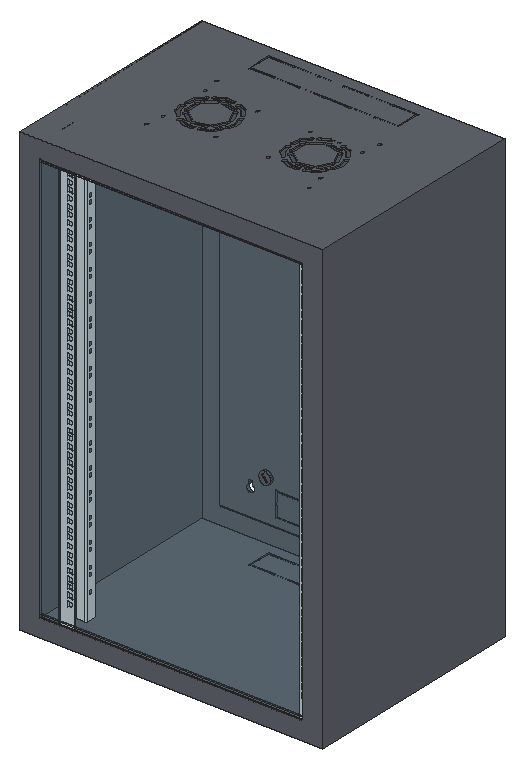
Revit family "Cajas fijas Legrand Linkeo con paneles laterales fijos", category Equipement spécialisé, Revit 2020 (continued)
Forms (mm)
  Extrusion 86, void
    sketch origin (60.5, -414, 490.95) x (-1, 0, 0) y (0, 0, 1)
      loop
        line (-3.5, 44.65) -> (-3.5, 54.15) -> (-13, 54.15) -> (-13, 44.65) -> (-3.5, 44.65)
      loop
        line (-3.5, 76.4) -> (-3.5, 85.9) -> (-13, 85.9) -> (-13, 76.4) -> (-3.5, 76.4)
    from 0 to 1.5
  Extrusion 87, void
    sketch origin (60.5, -414, 490.95) x (-1, 0, 0) y (0, 0, 1)
      loop
        line (-3.5, 60.53) -> (-3.5, 70.03) -> (-13, 70.03) -> (-13, 60.53) -> (-3.5, 60.53)
    from 0 to 1.5
  Extrusion 88, void
    sketch origin (528, -414, 535.4) x (-1, 0, 0) y (0, 0, 1)
      loop
        line (-3.5, 44.65) -> (-3.5, 54.15) -> (-13, 54.15) -> (-13, 44.65) -> (-3.5, 44.65)
      loop
        line (-3.5, 76.4) -> (-3.5, 85.9) -> (-13, 85.9) -> (-13, 76.4) -> (-3.5, 76.4)
    from 0 to 1.5
  Extrusion 89, void
    sketch origin (528, -414, 535.4) x (-1, 0, 0) y (0, 0, 1)
      loop
        line (-3.5, 60.53) -> (-3.5, 70.03) -> (-13, 70.03) -> (-13, 60.53) -> (-3.5, 60.53)
    from 0 to 1.5
  Extrusion 90, void
    sketch origin (60.5, -414, 535.4) x (-1, 0, 0) y (0, 0, 1)
      loop
        line (-3.5, 44.65) -> (-3.5, 54.15) -> (-13, 54.15) -> (-13, 44.65) -> (-3.5, 44.65)
      loop
        line (-3.5, 76.4) -> (-3.5, 85.9) -> (-13, 85.9) -> (-13, 76.4) -> (-3.5, 76.4)
    from 0 to 1.5
  Extrusion 91, void
    sketch origin (60.5, -414, 535.4) x (-1, 0, 0) y (0, 0, 1)
      loop
        line (-3.5, 60.53) -> (-3.5, 70.03) -> (-13, 70.03) -> (-13, 60.53) -> (-3.5, 60.53)
    from 0 to 1.5
  Extrusion 92, void
    sketch origin (528, -414, 579.85) x (-1, 0, 0) y (0, 0, 1)
      loop
        line (-3.5, 44.65) -> (-3.5, 54.15) -> (-13, 54.15) -> (-13, 44.65) -> (-3.5, 44.65)
      loop
        line (-3.5, 76.4) -> (-3.5, 85.9) -> (-13, 85.9) -> (-13, 76.4) -> (-3.5, 76.4)
    from 0 to 1.5
  Extrusion 93, void
    sketch origin (528, -414, 579.85) x (-1, 0, 0) y (0, 0, 1)
      loop
        line (-3.5, 60.53) -> (-3.5, 70.03) -> (-13, 70.03) -> (-13, 60.53) -> (-3.5, 60.53)
    from 0 to 1.5
  Extrusion 94, void
    sketch origin (60.5, -414, 579.85) x (-1, 0, 0) y (0, 0, 1)
      loop
        line (-3.5, 44.65) -> (-3.5, 54.15) -> (-13, 54.15) -> (-13, 44.65) -> (-3.5, 44.65)
      loop
        line (-3.5, 76.4) -> (-3.5, 85.9) -> (-13, 85.9) -> (-13, 76.4) -> (-3.5, 76.4)
    from 0 to 1.5
  Extrusion 95, void
    sketch origin (60.5, -414, 579.85) x (-1, 0, 0) y (0, 0, 1)
      loop
        line (-3.5, 60.53) -> (-3.5, 70.03) -> (-13, 70.03) -> (-13, 60.53) -> (-3.5, 60.53)
    from 0 to 1.5
  Extrusion 96, void
    sketch origin (528, -414, 624.3) x (-1, 0, 0) y (0, 0, 1)
      loop
        line (-3.5, 44.65) -> (-3.5, 54.15) -> (-13, 54.15) -> (-13, 44.65) -> (-3.5, 44.65)
      loop
        line (-3.5, 76.4) -> (-3.5, 85.9) -> (-13, 85.9) -> (-13, 76.4) -> (-3.5, 76.4)
    from 0 to 1.5
  Extrusion 97, void
    sketch origin (528, -414, 624.3) x (-1, 0, 0) y (0, 0, 1)
      loop
        line (-3.5, 60.53) -> (-3.5, 70.03) -> (-13, 70.03) -> (-13, 60.53) -> (-3.5, 60.53)
    from 0 to 1.5
  Extrusion 98, void
    sketch origin (60.5, -414, 624.3) x (-1, 0, 0) y (0, 0, 1)
      loop
        line (-3.5, 44.65) -> (-3.5, 54.15) -> (-13, 54.15) -> (-13, 44.65) -> (-3.5, 44.65)
      loop
        line (-3.5, 76.4) -> (-3.5, 85.9) -> (-13, 85.9) -> (-13, 76.4) -> (-3.5, 76.4)
    from 0 to 1.5
  Extrusion 99, void
    sketch origin (60.5, -414, 624.3) x (-1, 0, 0) y (0, 0, 1)
      loop
        line (-3.5, 60.53) -> (-3.5, 70.03) -> (-13, 70.03) -> (-13, 60.53) -> (-3.5, 60.53)
    from 0 to 1.5
  Extrusion 100, void
    sketch origin (528, -414, 668.75) x (-1, 0, 0) y (0, 0, 1)
      loop
        line (-3.5, 44.65) -> (-3.5, 54.15) -> (-13, 54.15) -> (-13, 44.65) -> (-3.5, 44.65)
      loop
        line (-3.5, 76.4) -> (-3.5, 85.9) -> (-13, 85.9) -> (-13, 76.4) -> (-3.5, 76.4)
    from 0 to 1.5
  Extrusion 101, void
    sketch origin (528, -414, 668.75) x (-1, 0, 0) y (0, 0, 1)
      loop
        line (-3.5, 60.53) -> (-3.5, 70.03) -> (-13, 70.03) -> (-13, 60.53) -> (-3.5, 60.53)
    from 0 to 1.5
  Extrusion 102, void
    sketch origin (60.5, -414, 668.75) x (-1, 0, 0) y (0, 0, 1)
      loop
        line (-3.5, 44.65) -> (-3.5, 54.15) -> (-13, 54.15) -> (-13, 44.65) -> (-3.5, 44.65)
      loop
        line (-3.5, 76.4) -> (-3.5, 85.9) -> (-13, 85.9) -> (-13, 76.4) -> (-3.5, 76.4)
    from 0 to 1.5
  Extrusion 103, void
    sketch origin (60.5, -414, 668.75) x (-1, 0, 0) y (0, 0, 1)
      loop
        line (-3.5, 60.53) -> (-3.5, 70.03) -> (-13, 70.03) -> (-13, 60.53) -> (-3.5, 60.53)
    from 0 to 1.5
  Extrusion 104, void
    sketch origin (528, -414, 713.2) x (-1, 0, 0) y (0, 0, 1)
      loop
        line (-3.5, 44.65) -> (-3.5, 54.15) -> (-13, 54.15) -> (-13, 44.65) -> (-3.5, 44.65)
      loop
        line (-3.5, 76.4) -> (-3.5, 85.9) -> (-13, 85.9) -> (-13, 76.4) -> (-3.5, 76.4)
    from 0 to 1.5
  Extrusion 105, void
    sketch origin (528, -414, 713.2) x (-1, 0, 0) y (0, 0, 1)
      loop
        line (-3.5, 60.53) -> (-3.5, 70.03) -> (-13, 70.03) -> (-13, 60.53) -> (-3.5, 60.53)
    from 0 to 1.5
  Extrusion 106, void
    sketch origin (60.5, -414, 713.2) x (-1, 0, 0) y (0, 0, 1)
      loop
        line (-3.5, 44.65) -> (-3.5, 54.15) -> (-13, 54.15) -> (-13, 44.65) -> (-3.5, 44.65)
      loop
        line (-3.5, 76.4) -> (-3.5, 85.9) -> (-13, 85.9) -> (-13, 76.4) -> (-3.5, 76.4)
    from 0 to 1.5
  Extrusion 107, void
    sketch origin (60.5, -414, 713.2) x (-1, 0, 0) y (0, 0, 1)
      loop
        line (-3.5, 60.53) -> (-3.5, 70.03) -> (-13, 70.03) -> (-13, 60.53) -> (-3.5, 60.53)
    from 0 to 1.5
  Extrusion 108, void
    sketch origin (528, -414, 757.65) x (-1, 0, 0) y (0, 0, 1)
      loop
        line (-3.5, 44.65) -> (-3.5, 54.15) -> (-13, 54.15) -> (-13, 44.65) -> (-3.5, 44.65)
      loop
        line (-3.5, 76.4) -> (-3.5, 85.9) -> (-13, 85.9) -> (-13, 76.4) -> (-3.5, 76.4)
    from 0 to 1.5
  Extrusion 109, void
    sketch origin (528, -414, 757.65) x (-1, 0, 0) y (0, 0, 1)
      loop
        line (-3.5, 60.53) -> (-3.5, 70.03) -> (-13, 70.03) -> (-13, 60.53) -> (-3.5, 60.53)
    from 0 to 1.5
  Extrusion 110, void
    sketch origin (60.5, -414, 757.65) x (-1, 0, 0) y (0, 0, 1)
      loop
        line (-3.5, 44.65) -> (-3.5, 54.15) -> (-13, 54.15) -> (-13, 44.65) -> (-3.5, 44.65)
      loop
        line (-3.5, 76.4) -> (-3.5, 85.9) -> (-13, 85.9) -> (-13, 76.4) -> (-3.5, 76.4)
    from 0 to 1.5
  Extrusion 111, void
    sketch origin (60.5, -414, 757.65) x (-1, 0, 0) y (0, 0, 1)
      loop
        line (-3.5, 60.53) -> (-3.5, 70.03) -> (-13, 70.03) -> (-13, 60.53) -> (-3.5, 60.53)
    from 0 to 1.5
  Extrusion 112, void
    sketch origin (0, 0, 400.05) x (0, 1, 0) y (0, 0, 1)
      loop
        line (-367.986, 87.9) -> (-367.986, 78.4) -> (-358.486, 78.4) -> (-358.486, 87.9) -> (-367.986, 87.9)
    from 539 to 66
  Extrusion 113, void
    sketch origin (0, 0, 368.3) x (0, 1, 0) y (0, 0, 1)
      loop
        line (-367.986, 87.9) -> (-367.986, 78.4) -> (-358.486, 78.4) -> (-358.486, 87.9) -> (-367.986, 87.9)
    from 539 to 66
  Extrusion 114, void
    sketch origin (0, 0, 444.5) x (0, 1, 0) y (0, 0, 1)
      loop
        line (-367.986, 87.9) -> (-367.986, 78.4) -> (-358.486, 78.4) -> (-358.486, 87.9) -> (-367.986, 87.9)
    from 539 to 66
  Extrusion 115, void
    sketch origin (0, 0, 412.75) x (0, 1, 0) y (0, 0, 1)
      loop
        line (-367.986, 87.9) -> (-367.986, 78.4) -> (-358.486, 78.4) -> (-358.486, 87.9) -> (-367.986, 87.9)
    from 539 to 66
  Extrusion 116, void
    sketch origin (0, 0, 488.95) x (0, 1, 0) y (0, 0, 1)
      loop
        line (-367.986, 87.9) -> (-367.986, 78.4) -> (-358.486, 78.4) -> (-358.486, 87.9) -> (-367.986, 87.9)
    from 539 to 66
  Extrusion 117, void
    sketch origin (0, 0, 457.2) x (0, 1, 0) y (0, 0, 1)
      loop
        line (-367.986, 87.9) -> (-367.986, 78.4) -> (-358.486, 78.4) -> (-358.486, 87.9) -> (-367.986, 87.9)
    from 539 to 66
  Extrusion 118, void
    sketch origin (0, 0, 533.4) x (0, 1, 0) y (0, 0, 1)
      loop
        line (-367.986, 87.9) -> (-367.986, 78.4) -> (-358.486, 78.4) -> (-358.486, 87.9) -> (-367.986, 87.9)
    from 539 to 66
  Extrusion 119, void
    sketch origin (0, 0, 501.65) x (0, 1, 0) y (0, 0, 1)
      loop
        line (-367.986, 87.9) -> (-367.986, 78.4) -> (-358.486, 78.4) -> (-358.486, 87.9) -> (-367.986, 87.9)
    from 539 to 66
  Extrusion 120, void
    sketch origin (0, 0, 577.85) x (0, 1, 0) y (0, 0, 1)
      loop
        line (-367.986, 87.9) -> (-367.986, 78.4) -> (-358.486, 78.4) -> (-358.486, 87.9) -> (-367.986, 87.9)
    from 539 to 66
  Extrusion 121, void
    sketch origin (0, 0, 546.1) x (0, 1, 0) y (0, 0, 1)
      loop
        line (-367.986, 87.9) -> (-367.986, 78.4) -> (-358.486, 78.4) -> (-358.486, 87.9) -> (-367.986, 87.9)
    from 539 to 66
  Extrusion 122, void
    sketch origin (0, 0, 622.3) x (0, 1, 0) y (0, 0, 1)
      loop
        line (-367.986, 87.9) -> (-367.986, 78.4) -> (-358.486, 78.4) -> (-358.486, 87.9) -> (-367.986, 87.9)
    from 539 to 66
  Extrusion 123, void
    sketch origin (0, 0, 590.55) x (0, 1, 0) y (0, 0, 1)
      loop
        line (-367.986, 87.9) -> (-367.986, 78.4) -> (-358.486, 78.4) -> (-358.486, 87.9) -> (-367.986, 87.9)
    from 539 to 66
  Extrusion 124, void
    sketch origin (0, 0, 666.75) x (0, 1, 0) y (0, 0, 1)
      loop
        line (-367.986, 87.9) -> (-367.986, 78.4) -> (-358.486, 78.4) -> (-358.486, 87.9) -> (-367.986, 87.9)
    from 539 to 66
  Extrusion 125, void
    sketch origin (0, 0, 635) x (0, 1, 0) y (0, 0, 1)
      loop
        line (-367.986, 87.9) -> (-367.986, 78.4) -> (-358.486, 78.4) -> (-358.486, 87.9) -> (-367.986, 87.9)
    from 539 to 66
  Extrusion 126, void
    sketch origin (0, 0, 711.2) x (0, 1, 0) y (0, 0, 1)
      loop
        line (-367.986, 87.9) -> (-367.986, 78.4) -> (-358.486, 78.4) -> (-358.486, 87.9) -> (-367.986, 87.9)
    from 539 to 66
  Extrusion 127, void
    sketch origin (0, 0, 679.45) x (0, 1, 0) y (0, 0, 1)
      loop
        line (-367.986, 87.9) -> (-367.986, 78.4) -> (-358.486, 78.4) -> (-358.486, 87.9) -> (-367.986, 87.9)
    from 539 to 66
  Extrusion 128, void
    sketch origin (0, 0, 755.65) x (0, 1, 0) y (0, 0, 1)
      loop
        line (-367.986, 87.9) -> (-367.986, 78.4) -> (-358.486, 78.4) -> (-358.486, 87.9) -> (-367.986, 87.9)
    from 539 to 66
  Extrusion 129, void
    sketch origin (0, 0, 723.9) x (0, 1, 0) y (0, 0, 1)
      loop
        line (-367.986, 87.9) -> (-367.986, 78.4) -> (-358.486, 78.4) -> (-358.486, 87.9) -> (-367.986, 87.9)
    from 539 to 66
Cuts and joins
  Extrusion 2, Extrusion 3, Extrusion 6, Extrusion 7, Extrusion 8, Extrusion 40 cuts Extrusion 1
  Extrusion 9, Extrusion 11, Extrusion 12, Extrusion 15, Extrusion 52 cuts Extrusion 5
  Extrusion 11, Extrusion 12, Extrusion 16, Extrusion 17, Extrusion 20, Extrusion 21, Extrusion 24, Extrusion 25, Extrusion 28, Extrusion 29, Extrusion 32, Extrusion 33, Extrusion 36, Extrusion 37, Extrusion 40, Extrusion 41, Extrusion 42, Extrusion 43, Extrusion 44, Extrusion 45, Extrusion 46, Extrusion 47, Extrusion 48, Extrusion 49, Extrusion 50, Extrusion 51, Extrusion 58, Extrusion 59, Extrusion 62, Extrusion 63, Extrusion 66, Extrusion 67, Extrusion 70, Extrusion 71, Extrusion 72, Extrusion 73, Extrusion 74, Extrusion 75, Extrusion 76, Extrusion 77, Extrusion 80, Extrusion 81, Extrusion 84, Extrusion 85, Extrusion 88, Extrusion 89, Extrusion 92, Extrusion 93, Extrusion 96, Extrusion 97, Extrusion 100, Extrusion 101, Extrusion 104, Extrusion 105, Extrusion 108, Extrusion 109, Extrusion 112, Extrusion 113, Extrusion 114, Extrusion 115, Extrusion 116, Extrusion 117, Extrusion 118, Extrusion 119, Extrusion 120, Extrusion 121, Extrusion 122, Extrusion 123, Extrusion 124, Extrusion 125, Extrusion 126, Extrusion 127, Extrusion 128, Extrusion 129 cuts Extrusion 10
  Extrusion 16, Extrusion 17, Extrusion 22, Extrusion 23, Extrusion 26, Extrusion 27, Extrusion 30, Extrusion 31, Extrusion 34, Extrusion 35, Extrusion 38, Extrusion 39, Extrusion 40, Extrusion 41, Extrusion 42, Extrusion 43, Extrusion 44, Extrusion 45, Extrusion 46, Extrusion 47, Extrusion 48, Extrusion 49, Extrusion 50, Extrusion 51, Extrusion 60, Extrusion 61, Extrusion 64, Extrusion 65, Extrusion 68, Extrusion 69, Extrusion 70, Extrusion 71, Extrusion 72, Extrusion 73, Extrusion 74, Extrusion 75, Extrusion 78, Extrusion 79, Extrusion 82, Extrusion 83, Extrusion 86, Extrusion 87, Extrusion 90, Extrusion 91, Extrusion 94, Extrusion 95, Extrusion 98, Extrusion 99, Extrusion 102, Extrusion 103, Extrusion 106, Extrusion 107, Extrusion 110, Extrusion 111, Extrusion 112, Extrusion 113, Extrusion 114, Extrusion 115, Extrusion 116, Extrusion 117, Extrusion 118, Extrusion 119, Extrusion 120, Extrusion 121, Extrusion 122, Extrusion 123, Extrusion 124, Extrusion 125, Extrusion 126, Extrusion 127, Extrusion 128, Extrusion 129 cuts Extrusion 13
  Extrusion 54 cuts Extrusion 53
Lines and regions (mm)
  model lines, not visible
    curve 1: line (490.5, 0, 446) -> (514.5, 0, 446)
    curve 2: line (366.209, -225, 1025) -> (258.086, -225, 1025)
    curve 3: line (366.209, -341.805, 492) -> (258.086, -341.805, 492)
Dimensions and locks
  "Anchura (mm)": plane 4 to plane 3 "Centre (gauche/droite)"
  "Altura (mm)": plane 5 to level
  "Profundidad (mm)": plane 6 to plane 1 "Centre (avant/arrière)"
  "Anchura útil (mm)": plane 7 to plane 8
  equal spacing: plane 7, plane 9, plane 8
  equal spacing: plane 4, plane 9, plane 3 "Centre (gauche/droite)"
  equal spacing: plane 5, plane 12, level
  equal spacing: plane 10, plane 12, plane 11
  "Altura útil (mm)": plane 10 to plane 11
  locked: Extrusion 2 sketch curve to plane 3 "Centre (gauche/droite)" at 2
  locked: Extrusion 2 sketch curve to plane 4 at 2
  locked: Extrusion 2 sketch curve to level at 2
  locked: plane 5 to Extrusion 2 sketch curve at 2
  locked: plane 6 to plane 13 at 2
  locked: cut or joined group of Extrusion 1, Extrusion 2, Extrusion 3, Extrusion 6, Extrusion 7, Extrusion 8, Extrusion 40 to plane 1 "Centre (avant/arrière)" at 2
  plane 10 to Extrusion 4 sketch curve = 5.00 mm
  Extrusion 4 sketch curve to plane 11 = 5.00 mm
  locked: cut or joined group of Extrusion 1, Extrusion 2, Extrusion 3, Extrusion 6, Extrusion 7, Extrusion 8, Extrusion 40 to Extrusion 4 at 5
  locked: Extrusion 5 to plane 1 "Centre (avant/arrière)" at 5
  equal spacing: plane 3 "Centre (gauche/droite)", plane 14, plane 4
  equal spacing: plane 25, plane 26, plane 24
  equal spacing: plane 22, plane 20, plane 23
  "Sujeción Y": plane 22 to plane 23
  "Sujeción X": plane 25 to plane 24
  "Ubicación del rack": plane 27 to plane 6
  "Espesor (mm)": plane 29 to plane 27
  "Espesor (mm)": plane 30 to plane 31
  "Espesor (mm)": plane 32 to plane 33
  "Espesor (mm)": plane 34 to plane 35
  plane 31 to cut or joined group of Extrusion 1, Extrusion 2, Extrusion 3, Extrusion 6, Extrusion 7, Extrusion 8, Extrusion 40 = 42.00 mm
  locked: plane 28 to plane 30 at 31.5
  locked: plane 33 to plane 27 at 42
  locked: plane 34 to plane 31 at 23.5
  locked: plane 32 to plane 36 at 21.5
  locked: plane 37 to level at 46.65
  locked: plane 38 to plane 37 at 9.5
  locked: plane 39 to plane 40 at 9.5
  locked: plane 28 to plane 39 at 3.5
  locked: plane 42 to plane 41 at 9.5
  locked: plane 41 to plane 37 at 31.75
  locked: plane 44 to plane 43 at 9.5
  locked: plane 45 to plane 46 at 9.5
  locked: plane 46 to plane 38 at 6.38
  "Espesor (mm)": plane 49 to plane 50
  "Espesor (mm)": plane 51 to plane 52
  locked: plane 49 to plane 53 at 21.5
  locked: plane 54 to plane 11 at 5
  plane 5 to plane 10 to plane 55 = 35.50 mm, 30.00 mm
  equal spacing: group 4, group 8, group 11, group 14, group 17, group 20, group 34, group 37, group 40, group 46, group 49, group 52, group 55, group 58, group 61, group 64, group 67, group 70  (x3)
  equal spacing: group 21, group 22, group 23, group 24, group 25, group 26, group 41, group 42, group 43, group 71, group 72, group 73, group 74, group 75, group 76, group 77, group 78, group 79  (x3)
  locked: plane 58 to plane 1 "Centre (avant/arrière)" at 225
  aligned and locked: level to plane 2
  aligned and locked: Extrusion 1 sketch curve to level
  aligned and locked: Extrusion 1 sketch curve to plane 6
  aligned and locked: plane 5 to Extrusion 1 sketch curve
  aligned and locked: Extrusion 1 sketch curve to plane 1 "Centre (avant/arrière)"
  aligned and locked: Extrusion 1 to plane 4
  aligned and locked: Extrusion 1 to plane 3 "Centre (gauche/droite)"
  aligned and locked: cut or joined group of Extrusion 1, Extrusion 2, Extrusion 3, Extrusion 6, Extrusion 7, Extrusion 8, Extrusion 40 to plane 13
  aligned and locked: Extrusion 3 sketch curve to plane 10
  aligned and locked: Extrusion 3 sketch curve to plane 7
  aligned and locked: plane 11 to Extrusion 3 sketch curve
  aligned and locked: Extrusion 3 sketch curve to plane 8
  aligned and locked: Extrusion 1 to Extrusion 3
  aligned and locked: Extrusion 3 to plane 1 "Centre (avant/arrière)"
  aligned and locked: Extrusion 4 sketch curve to plane 7
  aligned and locked: Extrusion 4 sketch curve to plane 8
  aligned and locked: Extrusion 5 sketch curve to plane 8
  aligned and locked: Extrusion 5 sketch curve to plane 7
  aligned and locked: Extrusion 5 to plane 1 "Centre (avant/arrière)"
  aligned and locked: plane 5 to Extrusion 7
  aligned and locked: Extrusion 7 to Extrusion 2
  aligned and locked: Extrusion 8 to level
  aligned and locked: plane 26 to plane 9
  aligned and locked: plane 20 to plane 12
  aligned and locked: Extrusion 5 to Extrusion 9
  aligned and locked: plane 28 to Extrusion 10 sketch curve
  aligned and locked: Extrusion 10 sketch curve to plane 27
  aligned and locked: Extrusion 10 sketch curve to plane 31
  aligned and locked: Extrusion 10 sketch curve to plane 33
  aligned and locked: Extrusion 10 sketch curve to plane 35
  aligned and locked: Extrusion 10 sketch curve to plane 36
  aligned and locked: plane 34 to Extrusion 10 sketch curve
  aligned and locked: plane 32 to Extrusion 10 sketch curve
  aligned and locked: Extrusion 10 sketch curve to plane 30
  aligned and locked: plane 29 to Extrusion 10 sketch curve
  aligned and locked: cut or joined group of Extrusion 1, Extrusion 2, Extrusion 3, Extrusion 6, Extrusion 7, Extrusion 8, Extrusion 40 to Extrusion 10
  aligned and locked: Extrusion 10 to Extrusion 11
  aligned and locked: plane 29 to Extrusion 12
  aligned and locked: plane 47 to Extrusion 13 sketch curve
  aligned and locked: plane 50 to Extrusion 13 sketch curve
  aligned and locked: Extrusion 13 sketch curve to plane 52
  aligned and locked: Extrusion 13 sketch curve to plane 53
  aligned and locked: plane 51 to Extrusion 13 sketch curve
  aligned and locked: Extrusion 13 sketch curve to plane 49
  aligned and locked: Extrusion 13 sketch curve to plane 48
  aligned and locked: cut or joined group of Extrusion 1, Extrusion 2, Extrusion 3, Extrusion 6, Extrusion 7, Extrusion 8, Extrusion 40 to Extrusion 13
  aligned and locked: Extrusion 14 sketch curve to Extrusion 14 sketch curve  (x9)
  aligned and locked: plane 54 to cut or joined group of Extrusion 5, Extrusion 9, Extrusion 11, Extrusion 12, Extrusion 15, Extrusion 52
  aligned and locked: Extrusion 40 to plane 35
  aligned and locked: Extrusion 40 to plane 41
  aligned and locked: plane 42 to Extrusion 40
  aligned and locked: Extrusion 40 to plane 43
  aligned and locked: plane 44 to Extrusion 40
  aligned and locked: cut or joined group 1 (Extrusion 13, Extrusion 16, Extrusion 17, Extrusion 22, Extrusion 23, Extrusion 26, Extrusion 27, Extrusion 30, Extrusion 31, Extrusion 34, Extrusion 35, Extrusion 38, Extrusion 39, Extrusion 40, Extrusion 41, Extrusion 42, Extrusion 43, Extrusion 44, Extrusion 45, Extrusion 46, Extrusion 47, Extrusion 48, Extrusion 49, Extrusion 50, Extrusion 51, Extrusion 60, Extrusion 61, Extrusion 64, Extrusion 65, Extrusion 68, Extrusion 69, Extrusion 70, Extrusion 71, Extrusion 72, Extrusion 73, Extrusion 74, Extrusion 75, Extrusion 78, Extrusion 79, Extrusion 82, Extrusion 83, Extrusion 86, Extrusion 87, Extrusion 90, Extrusion 91, Extrusion 94, Extrusion 95, Extrusion 98, Extrusion 99, Extrusion 102, Extrusion 103, Extrusion 106, Extrusion 107, Extrusion 110, Extrusion 111, Extrusion 112, Extrusion 113, Extrusion 114, Extrusion 115, Extrusion 116, Extrusion 117, Extrusion 118, Extrusion 119, Extrusion 120, Extrusion 121, Extrusion 122, Extrusion 123, Extrusion 124, Extrusion 125, Extrusion 126, Extrusion 127, Extrusion 128, Extrusion 129) to Extrusion 41
  aligned and locked: cut or joined group 1 to Extrusion 40
  aligned and locked: Extrusion 52 sketch curve to Extrusion 52 sketch curve  (x9)
  aligned and locked: Extrusion 53 to plane 56
  aligned and locked: plane 56 to plane 20
  aligned and locked: Extrusion 4 to plane 57
  aligned and locked: plane 6 to plane 57
  aligned and locked: plane 58 to curve 2
  aligned and locked: plane 5 to Extrusion 6
  aligned and locked: Extrusion 6 to Extrusion 2
Automatic sketch dimensions
  Extrusion 11 sketch curve to Extrusion 11 sketch curve = 0.00 mm
  Extrusion 11 sketch curve to Extrusion 11 sketch curve = 9.50 mm  (x4)
  Extrusion 11 sketch curve to Extrusion 11 sketch curve = 22.25 mm
  Extrusion 12 sketch curve to Extrusion 12 sketch curve = 9.50 mm  (x2)
  Extrusion 16 sketch curve to Extrusion 16 sketch curve = 0.00 mm
  Extrusion 16 sketch curve to Extrusion 16 sketch curve = 9.50 mm  (x4)
  Extrusion 16 sketch curve to Extrusion 16 sketch curve = 22.25 mm
  Extrusion 17 sketch curve to Extrusion 17 sketch curve = 9.50 mm  (x2)
  Extrusion 18 sketch curve to Extrusion 18 sketch curve = 0.00 mm
  Extrusion 18 sketch curve to Extrusion 18 sketch curve = 9.50 mm  (x4)
  Extrusion 18 sketch curve to Extrusion 18 sketch curve = 22.25 mm
  Extrusion 19 sketch curve to Extrusion 19 sketch curve = 9.50 mm  (x2)
  Extrusion 20 sketch curve to Extrusion 20 sketch curve = 0.00 mm
  Extrusion 20 sketch curve to Extrusion 20 sketch curve = 9.50 mm  (x4)
  Extrusion 20 sketch curve to Extrusion 20 sketch curve = 22.25 mm
  Extrusion 21 sketch curve to Extrusion 21 sketch curve = 9.50 mm  (x2)
  Extrusion 22 sketch curve to Extrusion 22 sketch curve = 0.00 mm
  Extrusion 22 sketch curve to Extrusion 22 sketch curve = 9.50 mm  (x4)
  Extrusion 22 sketch curve to Extrusion 22 sketch curve = 22.25 mm
  Extrusion 23 sketch curve to Extrusion 23 sketch curve = 9.50 mm  (x2)
  Extrusion 24 sketch curve to Extrusion 24 sketch curve = 0.00 mm
  Extrusion 24 sketch curve to Extrusion 24 sketch curve = 9.50 mm  (x4)
  Extrusion 24 sketch curve to Extrusion 24 sketch curve = 22.25 mm
  Extrusion 25 sketch curve to Extrusion 25 sketch curve = 9.50 mm  (x2)
  Extrusion 26 sketch curve to Extrusion 26 sketch curve = 0.00 mm
  Extrusion 26 sketch curve to Extrusion 26 sketch curve = 9.50 mm  (x4)
  Extrusion 26 sketch curve to Extrusion 26 sketch curve = 22.25 mm
  Extrusion 27 sketch curve to Extrusion 27 sketch curve = 9.50 mm  (x2)
  Extrusion 28 sketch curve to Extrusion 28 sketch curve = 0.00 mm
  Extrusion 28 sketch curve to Extrusion 28 sketch curve = 9.50 mm  (x4)
  Extrusion 28 sketch curve to Extrusion 28 sketch curve = 22.25 mm
  Extrusion 29 sketch curve to Extrusion 29 sketch curve = 9.50 mm  (x2)
  Extrusion 30 sketch curve to Extrusion 30 sketch curve = 0.00 mm
  Extrusion 30 sketch curve to Extrusion 30 sketch curve = 9.50 mm  (x4)
  Extrusion 30 sketch curve to Extrusion 30 sketch curve = 22.25 mm
  Extrusion 31 sketch curve to Extrusion 31 sketch curve = 9.50 mm  (x2)
  Extrusion 32 sketch curve to Extrusion 32 sketch curve = 0.00 mm
  Extrusion 32 sketch curve to Extrusion 32 sketch curve = 9.50 mm  (x4)
  Extrusion 32 sketch curve to Extrusion 32 sketch curve = 22.25 mm
  Extrusion 33 sketch curve to Extrusion 33 sketch curve = 9.50 mm  (x2)
  Extrusion 34 sketch curve to Extrusion 34 sketch curve = 0.00 mm
  Extrusion 34 sketch curve to Extrusion 34 sketch curve = 9.50 mm  (x4)
  Extrusion 34 sketch curve to Extrusion 34 sketch curve = 22.25 mm
  Extrusion 35 sketch curve to Extrusion 35 sketch curve = 9.50 mm  (x2)
  Extrusion 36 sketch curve to Extrusion 36 sketch curve = 0.00 mm
  Extrusion 36 sketch curve to Extrusion 36 sketch curve = 9.50 mm  (x4)
  Extrusion 36 sketch curve to Extrusion 36 sketch curve = 22.25 mm
  Extrusion 37 sketch curve to Extrusion 37 sketch curve = 9.50 mm  (x2)
  Extrusion 38 sketch curve to Extrusion 38 sketch curve = 0.00 mm
  Extrusion 38 sketch curve to Extrusion 38 sketch curve = 9.50 mm  (x4)
  Extrusion 38 sketch curve to Extrusion 38 sketch curve = 22.25 mm
  Extrusion 39 sketch curve to Extrusion 39 sketch curve = 9.50 mm  (x2)
  Extrusion 40 sketch curve to Extrusion 40 sketch curve = 9.50 mm  (x2)
  Extrusion 41 sketch curve to Extrusion 41 sketch curve = 9.50 mm  (x2)
  Extrusion 42 sketch curve to Extrusion 42 sketch curve = 9.50 mm  (x2)
  Extrusion 43 sketch curve to Extrusion 43 sketch curve = 9.50 mm  (x2)
  Extrusion 44 sketch curve to Extrusion 44 sketch curve = 9.50 mm  (x2)
  Extrusion 45 sketch curve to Extrusion 45 sketch curve = 9.50 mm  (x2)
  Extrusion 46 sketch curve to Extrusion 46 sketch curve = 9.50 mm  (x2)
  Extrusion 47 sketch curve to Extrusion 47 sketch curve = 9.50 mm  (x2)
  Extrusion 48 sketch curve to Extrusion 48 sketch curve = 9.50 mm  (x2)
  Extrusion 49 sketch curve to Extrusion 49 sketch curve = 9.50 mm  (x2)
  Extrusion 50 sketch curve to Extrusion 50 sketch curve = 9.50 mm  (x2)
  Extrusion 51 sketch curve to Extrusion 51 sketch curve = 9.50 mm  (x2)
  Extrusion 54 sketch curve to Extrusion 54 sketch curve = 1.933 mm  (x2)
  Extrusion 54 sketch curve to Extrusion 54 sketch curve = 10.607 mm
  Extrusion 56 sketch curve to Extrusion 56 sketch curve = 1.933 mm  (x2)
  Extrusion 56 sketch curve to Extrusion 56 sketch curve = 10.607 mm
  curve 1 to plane 12 = 0.00 mm
  plane 24 to curve 1 = 12.00 mm
  curve 1 to plane 24 = 12.00 mm
  Extrusion 5 sketch curve to plane 54 = 0.00 mm
  Extrusion 5 sketch curve to plane 10 = 5.00 mm
  Extrusion 1 to Extrusion 7 sketch curve = 24.00 mm  (x3)
  Extrusion 1 to Extrusion 7 sketch curve = 152.50 mm
  Extrusion 7 sketch curve to Extrusion 7 sketch curve = 0.00 mm  (x17)
  Extrusion 7 sketch curve to Extrusion 7 sketch curve = 3.00 mm  (x11)
  Extrusion 7 sketch curve to Extrusion 7 sketch curve = 46.25 mm  (x3)
  Extrusion 7 sketch curve to Extrusion 7 sketch curve = 1.50 mm  (x12)
  Extrusion 7 sketch curve to Extrusion 7 sketch curve = 48.50 mm  (x4)
  Extrusion 1 to Extrusion 7 sketch curve = 27.00 mm
  Extrusion 7 sketch curve to Extrusion 7 sketch curve = 21.25 mm  (x2)
  Extrusion 7 sketch curve to Extrusion 7 sketch curve = 44.00 mm  (x2)
  plane 1 "Centre (avant/arrière)" to Extrusion 8 sketch curve = 24.00 mm  (x3)
  plane 25 to Extrusion 8 sketch curve = 50.00 mm
  Extrusion 8 sketch curve to Extrusion 8 sketch curve = 0.00 mm  (x16)
  Extrusion 8 sketch curve to Extrusion 8 sketch curve = 3.00 mm  (x11)
  Extrusion 8 sketch curve to Extrusion 8 sketch curve = 46.25 mm  (x3)
  Extrusion 8 sketch curve to Extrusion 8 sketch curve = 1.50 mm  (x10)
  Extrusion 8 sketch curve to Extrusion 8 sketch curve = 48.50 mm  (x3)
  Extrusion 8 sketch curve to plane 9 = 0.75 mm  (x2)
  plane 9 to Extrusion 8 sketch curve = 0.75 mm  (x2)
  plane 1 "Centre (avant/arrière)" to Extrusion 8 sketch curve = 27.00 mm
  Extrusion 8 sketch curve to Extrusion 8 sketch curve = 21.25 mm  (x2)
  Extrusion 8 sketch curve to Extrusion 8 sketch curve = 44.00 mm  (x2)
  Extrusion 9 sketch curve to plane 23 = 0.00 mm  (x4)
  Extrusion 9 sketch curve to plane 25 = 0.00 mm  (x2)
  Extrusion 9 sketch curve to plane 24 = 0.00 mm
  Extrusion 9 sketch curve to Extrusion 9 sketch curve = 4.251 mm
  plane 24 to Extrusion 9 sketch curve = 4.251 mm
  plane 24 to Extrusion 9 sketch curve = 0.00 mm
  Extrusion 9 sketch curve to Extrusion 9 sketch curve = 5.069 mm  (x2)
  Extrusion 9 sketch curve to Extrusion 9 sketch curve = 6.179 mm  (x2)
  Extrusion 10 sketch curve to Extrusion 10 sketch curve = 0.00 mm  (x6)
  Extrusion 10 sketch curve to Extrusion 10 sketch curve = 1.50 mm  (x3)
  Extrusion 13 sketch curve to Extrusion 13 sketch curve = 0.00 mm  (x6)
  Extrusion 13 sketch curve to Extrusion 13 sketch curve = 1.50 mm  (x2)
  Extrusion 13 sketch curve to Extrusion 13 sketch curve = 30.00 mm
  Extrusion 13 sketch curve to Extrusion 13 sketch curve = 17.50 mm
  Extrusion 15 sketch curve to plane 22 = 0.00 mm  (x4)
  Extrusion 15 sketch curve to plane 25 = 0.00 mm  (x2)
  plane 24 to Extrusion 15 sketch curve = 0.00 mm  (x2)
  Extrusion 15 sketch curve to Extrusion 15 sketch curve = 4.251 mm
  plane 24 to Extrusion 15 sketch curve = 4.251 mm
  Extrusion 15 sketch curve to Extrusion 15 sketch curve = 5.069 mm  (x2)
  plane 42 to Extrusion 15 sketch curve = 3.852 mm  (x2)
  Extrusion 52 sketch curve to Extrusion 52 sketch curve = 0.00 mm  (x16)
  Extrusion 52 sketch curve to Extrusion 52 sketch curve = 3.00 mm  (x6)
  Extrusion 52 sketch curve to Extrusion 52 sketch curve = 21.25 mm  (x3)
  Extrusion 52 sketch curve to Extrusion 52 sketch curve = 1.50 mm  (x12)
  Extrusion 52 sketch curve to Extrusion 52 sketch curve = 44.00 mm
  Extrusion 52 sketch curve to Extrusion 52 sketch curve = 46.25 mm  (x3)
  Extrusion 52 sketch curve to Extrusion 52 sketch curve = 48.50 mm  (x4)
  Extrusion 14 sketch curve to Extrusion 14 sketch curve = 0.00 mm  (x16)
  Extrusion 14 sketch curve to Extrusion 14 sketch curve = 3.00 mm  (x6)
  Extrusion 14 sketch curve to Extrusion 14 sketch curve = 21.25 mm  (x3)
  Extrusion 14 sketch curve to Extrusion 14 sketch curve = 1.50 mm  (x12)
  Extrusion 14 sketch curve to Extrusion 14 sketch curve = 44.00 mm
  Extrusion 14 sketch curve to Extrusion 14 sketch curve = 46.25 mm  (x3)
  Extrusion 14 sketch curve to Extrusion 14 sketch curve = 48.50 mm  (x4)
  curve 2 to curve 2 = 108.123 mm
  curve 3 to curve 3 = 108.123 mm
  Extrusion 6 sketch curve to Extrusion 6 sketch curve = 0.00 mm  (x120)
  Extrusion 6 sketch curve to Extrusion 6 sketch curve = 0.762 mm
  Extrusion 6 sketch curve to Extrusion 6 sketch curve = 0.023 mm
  Extrusion 6 sketch curve to Extrusion 6 sketch curve = 4.093 mm
  Extrusion 6 sketch curve to Extrusion 6 sketch curve = 4.13 mm
  Extrusion 6 sketch curve to Extrusion 6 sketch curve = 5.00 mm
  Extrusion 6 sketch curve to Extrusion 6 sketch curve = 0.108 mm
  Extrusion 6 sketch curve to Extrusion 6 sketch curve = 4.413 mm
  Extrusion 6 sketch curve to Extrusion 6 sketch curve = 4.114 mm
  Extrusion 6 sketch curve to Extrusion 6 sketch curve = 4.40 mm  (x2)
  Extrusion 6 sketch curve to Extrusion 6 sketch curve = 4.094 mm  (x2)
  Extrusion 6 sketch curve to Extrusion 6 sketch curve = 2.16 mm
  Extrusion 6 sketch curve to Extrusion 6 sketch curve = 4.116 mm
  Extrusion 6 sketch curve to Extrusion 6 sketch curve = 3.397 mm  (x3)
  Extrusion 6 sketch curve to Extrusion 6 sketch curve = 1.819 mm
  Extrusion 6 sketch curve to Extrusion 6 sketch curve = 6.141 mm  (x2)
  Extrusion 6 sketch curve to Extrusion 6 sketch curve = 6.001 mm
  Extrusion 6 sketch curve to Extrusion 6 sketch curve = 3.835 mm
  Extrusion 6 sketch curve to Extrusion 6 sketch curve = 9.917 mm
  Extrusion 6 sketch curve to Extrusion 6 sketch curve = 3.82 mm  (x3)
  Extrusion 6 sketch curve to Extrusion 6 sketch curve = 1.732 mm
  Extrusion 6 sketch curve to Extrusion 6 sketch curve = 9.679 mm
  Extrusion 6 sketch curve to Extrusion 6 sketch curve = 1.665 mm  (x3)
  Extrusion 6 sketch curve to Extrusion 6 sketch curve = 2.774 mm  (x2)
  Extrusion 6 sketch curve to Extrusion 6 sketch curve = 2.712 mm  (x2)
  Extrusion 6 sketch curve to Extrusion 6 sketch curve = 10.829 mm
  Extrusion 6 sketch curve to Extrusion 6 sketch curve = 1.693 mm
  Extrusion 6 sketch curve to Extrusion 6 sketch curve = 3.832 mm
  Extrusion 6 sketch curve to Extrusion 6 sketch curve = 9.752 mm  (x2)
  Extrusion 6 sketch curve to Extrusion 6 sketch curve = 9.79 mm
  Extrusion 6 sketch curve to Extrusion 6 sketch curve = 0.927 mm  (x2)
  Extrusion 6 sketch curve to Extrusion 6 sketch curve = 0.956 mm
  Extrusion 6 sketch curve to Extrusion 6 sketch curve = 2.537 mm  (x2)
  Extrusion 6 sketch curve to Extrusion 6 sketch curve = 2.679 mm
  Extrusion 6 sketch curve to Extrusion 6 sketch curve = 1.73 mm  (x2)
  Extrusion 6 sketch curve to Extrusion 6 sketch curve = 1.661 mm
  Extrusion 6 sketch curve to Extrusion 6 sketch curve = 11.228 mm  (x2)
  Extrusion 6 sketch curve to Extrusion 6 sketch curve = 12.747 mm
  Extrusion 6 sketch curve to Extrusion 6 sketch curve = 0.068 mm
  Extrusion 6 sketch curve to Extrusion 6 sketch curve = 0.071 mm
  Extrusion 6 sketch curve to Extrusion 6 sketch curve = 0.193 mm  (x2)
  Extrusion 6 sketch curve to Extrusion 6 sketch curve = 6.551 mm  (x2)
  Extrusion 6 sketch curve to Extrusion 6 sketch curve = 0.934 mm  (x2)
  Extrusion 6 sketch curve to Extrusion 6 sketch curve = 7.601 mm
  Extrusion 6 sketch curve to Extrusion 6 sketch curve = 0.929 mm  (x2)
  Extrusion 6 sketch curve to Extrusion 6 sketch curve = 9.29 mm
  Extrusion 6 sketch curve to Extrusion 6 sketch curve = 8.798 mm  (x2)
  Extrusion 6 sketch curve to Extrusion 6 sketch curve = 0.739 mm  (x2)
  Extrusion 6 sketch curve to Extrusion 6 sketch curve = 7.749 mm  (x2)
  Extrusion 6 sketch curve to Extrusion 6 sketch curve = 0.201 mm  (x2)
  Extrusion 6 sketch curve to Extrusion 6 sketch curve = 7.182 mm
  Extrusion 6 sketch curve to Extrusion 6 sketch curve = 2.017 mm
  Extrusion 6 sketch curve to Extrusion 6 sketch curve = 2.659 mm  (x3)
  Extrusion 6 sketch curve to Extrusion 6 sketch curve = 11.278 mm
  Extrusion 6 sketch curve to Extrusion 6 sketch curve = 2.638 mm  (x6)
  Extrusion 6 sketch curve to Extrusion 6 sketch curve = 7.453 mm
  Extrusion 6 sketch curve to Extrusion 6 sketch curve = 7.509 mm  (x2)
  Extrusion 6 sketch curve to Extrusion 6 sketch curve = 1.957 mm  (x2)
  Extrusion 6 sketch curve to Extrusion 6 sketch curve = 2.02 mm  (x3)
  Extrusion 6 sketch curve to Extrusion 6 sketch curve = 2.023 mm
  Extrusion 6 sketch curve to Extrusion 6 sketch curve = 7.608 mm  (x2)
  Extrusion 6 sketch curve to Extrusion 6 sketch curve = 7.784 mm
  Extrusion 6 sketch curve to Extrusion 6 sketch curve = 0.664 mm  (x2)
  Extrusion 6 sketch curve to Extrusion 6 sketch curve = 1.373 mm
  Extrusion 6 sketch curve to Extrusion 6 sketch curve = 1.477 mm
  Extrusion 6 sketch curve to Extrusion 6 sketch curve = 2.658 mm  (x2)
  Extrusion 6 sketch curve to Extrusion 6 sketch curve = 2.635 mm  (x2)
  Extrusion 6 sketch curve to Extrusion 6 sketch curve = 3.199 mm
  Extrusion 6 sketch curve to Extrusion 6 sketch curve = 3.244 mm
  Extrusion 6 sketch curve to Extrusion 6 sketch curve = 4.25 mm  (x8)
  Extrusion 6 sketch curve to Extrusion 6 sketch curve = 5.15 mm  (x2)
  Extrusion 6 sketch curve to Extrusion 6 sketch curve = 3.196 mm  (x3)
  Extrusion 6 sketch curve to Extrusion 6 sketch curve = 3.248 mm
  Extrusion 6 sketch curve to Extrusion 6 sketch curve = 2.099 mm
  Extrusion 6 sketch curve to Extrusion 6 sketch curve = 8.755 mm  (x2)
  Extrusion 6 sketch curve to Extrusion 6 sketch curve = 3.947 mm  (x2)
  Extrusion 6 sketch curve to Extrusion 6 sketch curve = 3.981 mm  (x2)
  Extrusion 6 sketch curve to Extrusion 6 sketch curve = 9.129 mm
  Extrusion 6 sketch curve to Extrusion 6 sketch curve = 3.194 mm
  Extrusion 6 sketch curve to Extrusion 6 sketch curve = 9.259 mm
  Extrusion 6 sketch curve to Extrusion 6 sketch curve = 0.974 mm  (x2)
  Extrusion 6 sketch curve to Extrusion 6 sketch curve = 4.183 mm  (x3)
  Extrusion 6 sketch curve to Extrusion 6 sketch curve = 12.801 mm
  Extrusion 6 sketch curve to Extrusion 6 sketch curve = 12.446 mm
  Extrusion 6 sketch curve to Extrusion 6 sketch curve = 98.699 mm
  Extrusion 6 sketch curve to Extrusion 6 sketch curve = 0.02 mm
  Extrusion 6 sketch curve to Extrusion 6 sketch curve = 4.096 mm
  Extrusion 6 sketch curve to Extrusion 6 sketch curve = 4.128 mm
  Extrusion 6 sketch curve to Extrusion 6 sketch curve = 0.11 mm
  Extrusion 6 sketch curve to Extrusion 6 sketch curve = 4.218 mm
  Extrusion 6 sketch curve to Extrusion 6 sketch curve = 4.415 mm
  Extrusion 6 sketch curve to Extrusion 6 sketch curve = 4.115 mm  (x2)
  Extrusion 6 sketch curve to Extrusion 6 sketch curve = 2.162 mm
  Extrusion 6 sketch curve to Extrusion 6 sketch curve = 3.395 mm
  Extrusion 6 sketch curve to Extrusion 6 sketch curve = 5.935 mm
  Extrusion 6 sketch curve to Extrusion 6 sketch curve = 3.442 mm  (x5)
  Extrusion 6 sketch curve to Extrusion 6 sketch curve = 9.844 mm
  Extrusion 6 sketch curve to Extrusion 6 sketch curve = 3.834 mm
  Extrusion 6 sketch curve to Extrusion 6 sketch curve = 6.233 mm
  Extrusion 6 sketch curve to Extrusion 6 sketch curve = 3.838 mm
  Extrusion 6 sketch curve to Extrusion 6 sketch curve = 11.649 mm
  Extrusion 6 sketch curve to Extrusion 6 sketch curve = 3.445 mm
  Extrusion 6 sketch curve to Extrusion 6 sketch curve = 1.663 mm
  Extrusion 6 sketch curve to Extrusion 6 sketch curve = 6.879 mm
  Extrusion 6 sketch curve to Extrusion 6 sketch curve = 1.596 mm
  Extrusion 6 sketch curve to Extrusion 6 sketch curve = 3.825 mm
  Extrusion 6 sketch curve to Extrusion 6 sketch curve = 9.789 mm
  Extrusion 6 sketch curve to Extrusion 6 sketch curve = 0.957 mm
  Extrusion 6 sketch curve to Extrusion 6 sketch curve = 2.681 mm
  Extrusion 6 sketch curve to Extrusion 6 sketch curve = 1.662 mm
  Extrusion 6 sketch curve to Extrusion 6 sketch curve = 12.746 mm
  Extrusion 6 sketch curve to Extrusion 6 sketch curve = 0.119 mm
  Extrusion 6 sketch curve to Extrusion 6 sketch curve = 0.121 mm
  Extrusion 6 sketch curve to Extrusion 6 sketch curve = 7.502 mm
  Extrusion 6 sketch curve to Extrusion 6 sketch curve = 7.853 mm
  Extrusion 6 sketch curve to Extrusion 6 sketch curve = 1.018 mm
  Extrusion 6 sketch curve to Extrusion 6 sketch curve = 3.425 mm
  Extrusion 6 sketch curve to Extrusion 6 sketch curve = 10.093 mm
  Extrusion 6 sketch curve to Extrusion 6 sketch curve = 2.018 mm
  Extrusion 6 sketch curve to Extrusion 6 sketch curve = 7.782 mm
  Extrusion 6 sketch curve to Extrusion 6 sketch curve = 2.656 mm
  Extrusion 6 sketch curve to Extrusion 6 sketch curve = 1.916 mm
  Extrusion 6 sketch curve to Extrusion 6 sketch curve = 2.086 mm
  Extrusion 6 sketch curve to Extrusion 6 sketch curve = 3.246 mm  (x3)
  Extrusion 6 sketch curve to Extrusion 6 sketch curve = 8.844 mm
  Extrusion 6 sketch curve to Extrusion 6 sketch curve = 4.946 mm
  Extrusion 6 sketch curve to Extrusion 6 sketch curve = 9.339 mm
  Extrusion 6 sketch curve to Extrusion 6 sketch curve = 4.182 mm  (x2)
  Extrusion 6 sketch curve to Extrusion 6 sketch curve = 3.193 mm
  Extrusion 6 sketch curve to Extrusion 6 sketch curve = 4.17 mm  (x2)
  Extrusion 6 sketch curve to Extrusion 6 sketch curve = 12.448 mm
  Extrusion 6 sketch curve to Extrusion 6 sketch curve = 16.00 mm
  Extrusion 6 sketch curve to Extrusion 6 sketch curve = 4.998 mm  (x2)
  Extrusion 6 sketch curve to Extrusion 6 sketch curve = 32.934 mm  (x2)
  Extrusion 6 sketch curve to Extrusion 6 sketch curve = 0.039 mm  (x3)
  Extrusion 6 sketch curve to Extrusion 6 sketch curve = 0.04 mm
  Extrusion 6 sketch curve to Extrusion 6 sketch curve = 2.498 mm
  Extrusion 6 sketch curve to Extrusion 6 sketch curve = 35.498 mm
  Extrusion 6 sketch curve to Extrusion 6 sketch curve = 2.525 mm
  Extrusion 6 sketch curve to Extrusion 6 sketch curve = 2.566 mm
  Extrusion 6 sketch curve to Extrusion 6 sketch curve = 35.50 mm  (x2)
  Extrusion 6 sketch curve to Extrusion 6 sketch curve = 3.741 mm  (x2)
  Extrusion 6 sketch curve to Extrusion 6 sketch curve = 3.74 mm
  Extrusion 6 sketch curve to Extrusion 6 sketch curve = 4.248 mm
  Extrusion 6 sketch curve to Extrusion 6 sketch curve = 0.951 mm
  Extrusion 6 sketch curve to Extrusion 6 sketch curve = 2.405 mm
  Extrusion 6 sketch curve to Extrusion 6 sketch curve = 1.097 mm
  Extrusion 6 sketch curve to Extrusion 6 sketch curve = 7.843 mm
  Extrusion 6 sketch curve to Extrusion 6 sketch curve = 4.281 mm
  Extrusion 6 sketch curve to Extrusion 6 sketch curve = 2.551 mm
  Extrusion 6 sketch curve to Extrusion 6 sketch curve = 2.552 mm
  Extrusion 6 sketch curve to Extrusion 6 sketch curve = 1.356 mm
  Extrusion 6 sketch curve to Extrusion 6 sketch curve = 3.912 mm  (x2)
  Extrusion 6 sketch curve to Extrusion 6 sketch curve = 3.738 mm
  Extrusion 6 sketch curve to Extrusion 6 sketch curve = 3.56 mm
  Extrusion 6 sketch curve to Extrusion 6 sketch curve = 3.911 mm
  Extrusion 6 sketch curve to Extrusion 6 sketch curve = 0.382 mm
  Extrusion 6 sketch curve to Extrusion 6 sketch curve = 7.868 mm
  Extrusion 6 sketch curve to Extrusion 6 sketch curve = 11.634 mm
  Extrusion 6 sketch curve to Extrusion 6 sketch curve = 5.35 mm
  Extrusion 6 sketch curve to Extrusion 6 sketch curve = 5.352 mm
  Extrusion 6 sketch curve to Extrusion 6 sketch curve = 3.464 mm  (x2)
  Extrusion 6 sketch curve to Extrusion 6 sketch curve = 6.063 mm
  Extrusion 6 sketch curve to Extrusion 6 sketch curve = 6.064 mm
  Extrusion 6 sketch curve to Extrusion 6 sketch curve = 3.332 mm  (x2)
  Extrusion 6 sketch curve to Extrusion 6 sketch curve = 3.713 mm
  Extrusion 6 sketch curve to Extrusion 6 sketch curve = 2.743 mm  (x2)
  Extrusion 6 sketch curve to Extrusion 6 sketch curve = 2.741 mm
  Extrusion 6 sketch curve to Extrusion 6 sketch curve = 4.141 mm  (x2)
  Extrusion 6 sketch curve to Extrusion 6 sketch curve = 10.631 mm
  Extrusion 6 sketch curve to Extrusion 6 sketch curve = 13.187 mm
  Extrusion 6 sketch curve to Extrusion 6 sketch curve = 2.556 mm
  Extrusion 6 sketch curve to Extrusion 6 sketch curve = 2.554 mm
  Extrusion 6 sketch curve to Extrusion 6 sketch curve = 0.959 mm
  Extrusion 6 sketch curve to Extrusion 6 sketch curve = 11.318 mm
  Extrusion 6 sketch curve to Extrusion 6 sketch curve = 7.433 mm
  Extrusion 6 sketch curve to Extrusion 6 sketch curve = 10.179 mm
  Extrusion 6 sketch curve to Extrusion 6 sketch curve = 1.837 mm
  Extrusion 6 sketch curve to Extrusion 6 sketch curve = 1.674 mm
  Extrusion 6 sketch curve to Extrusion 6 sketch curve = 0.749 mm
  Extrusion 6 sketch curve to Extrusion 6 sketch curve = 2.423 mm
  Extrusion 6 sketch curve to Extrusion 6 sketch curve = 3.335 mm  (x2)
  Extrusion 6 sketch curve to Extrusion 6 sketch curve = 1.873 mm  (x2)
  Extrusion 6 sketch curve to Extrusion 6 sketch curve = 10.88 mm
  Extrusion 6 sketch curve to Extrusion 6 sketch curve = 10.883 mm
  Extrusion 6 sketch curve to Extrusion 6 sketch curve = 1.142 mm
  Extrusion 6 sketch curve to Extrusion 6 sketch curve = 1.14 mm
  Extrusion 6 sketch curve to Extrusion 6 sketch curve = 9.533 mm
  Extrusion 6 sketch curve to Extrusion 6 sketch curve = 9.534 mm
  Extrusion 6 sketch curve to Extrusion 6 sketch curve = 0.011 mm
  Extrusion 6 sketch curve to Extrusion 6 sketch curve = 0.01 mm
  Extrusion 6 sketch curve to Extrusion 6 sketch curve = 8.315 mm
  Extrusion 6 sketch curve to Extrusion 6 sketch curve = 8.317 mm
  Extrusion 6 sketch curve to Extrusion 6 sketch curve = 4.075 mm  (x2)
  Extrusion 6 sketch curve to Extrusion 6 sketch curve = 4.082 mm
  Extrusion 6 sketch curve to Extrusion 6 sketch curve = 0.758 mm
  Extrusion 6 sketch curve to Extrusion 6 sketch curve = 0.75 mm
  Extrusion 6 sketch curve to Extrusion 6 sketch curve = 1.832 mm
  Extrusion 6 sketch curve to Extrusion 6 sketch curve = 1.833 mm
  Extrusion 6 sketch curve to Extrusion 6 sketch curve = 6.438 mm
  Extrusion 6 sketch curve to Extrusion 6 sketch curve = 6.449 mm
  Extrusion 6 sketch curve to Extrusion 6 sketch curve = 1.144 mm
  Extrusion 6 sketch curve to Extrusion 6 sketch curve = 1.135 mm
  Extrusion 6 sketch curve to Extrusion 6 sketch curve = 9.734 mm
  Extrusion 6 sketch curve to Extrusion 6 sketch curve = 1.864 mm
  Extrusion 6 sketch curve to Extrusion 6 sketch curve = 9.773 mm
  Extrusion 6 sketch curve to Extrusion 6 sketch curve = 11.668 mm
  Extrusion 6 sketch curve to Extrusion 6 sketch curve = 13.243 mm
  Extrusion 6 sketch curve to Extrusion 6 sketch curve = 0.82 mm
  Extrusion 6 sketch curve to Extrusion 6 sketch curve = 4.72 mm
  Extrusion 6 sketch curve to Extrusion 6 sketch curve = 5.555 mm
  Extrusion 6 sketch curve to Extrusion 6 sketch curve = 0.015 mm  (x2)
  Extrusion 6 sketch curve to Extrusion 6 sketch curve = 9.069 mm
  Extrusion 6 sketch curve to Extrusion 6 sketch curve = 1.059 mm
  Extrusion 6 sketch curve to Extrusion 6 sketch curve = 10.127 mm
  Extrusion 6 sketch curve to Extrusion 6 sketch curve = 1.063 mm
  Extrusion 6 sketch curve to Extrusion 6 sketch curve = 9.504 mm
  Extrusion 6 sketch curve to Extrusion 6 sketch curve = 9.519 mm
  Extrusion 6 sketch curve to Extrusion 6 sketch curve = 0.888 mm  (x2)
  Extrusion 6 sketch curve to Extrusion 6 sketch curve = 1.945 mm  (x2)
  Extrusion 6 sketch curve to Extrusion 6 sketch curve = 0.83 mm
  Extrusion 6 sketch curve to Extrusion 6 sketch curve = 0.835 mm
  Extrusion 6 sketch curve to Extrusion 6 sketch curve = 9.576 mm
  Extrusion 6 sketch curve to Extrusion 6 sketch curve = 18.645 mm
  Extrusion 6 sketch curve to Extrusion 6 sketch curve = 3.316 mm  (x3)
  Extrusion 6 sketch curve to Extrusion 6 sketch curve = 3.318 mm
  Extrusion 6 sketch curve to Extrusion 6 sketch curve = 9.348 mm
  Extrusion 6 sketch curve to Extrusion 6 sketch curve = 1.863 mm
  Extrusion 6 sketch curve to Extrusion 6 sketch curve = 1.862 mm
  Extrusion 6 sketch curve to Extrusion 6 sketch curve = 2.493 mm  (x3)
  Extrusion 6 sketch curve to Extrusion 6 sketch curve = 12.899 mm
  Extrusion 6 sketch curve to Extrusion 6 sketch curve = 7.351 mm
  Extrusion 6 sketch curve to Extrusion 6 sketch curve = 10.962 mm
  Extrusion 6 sketch curve to Extrusion 6 sketch curve = 0.294 mm
  Extrusion 6 sketch curve to Extrusion 6 sketch curve = 9.196 mm
  Extrusion 6 sketch curve to Extrusion 6 sketch curve = 9.197 mm
  Extrusion 6 sketch curve to Extrusion 6 sketch curve = 1.621 mm
  Extrusion 6 sketch curve to Extrusion 6 sketch curve = 1.622 mm
  Extrusion 6 sketch curve to Extrusion 6 sketch curve = 2.798 mm
  Extrusion 6 sketch curve to Extrusion 6 sketch curve = 10.148 mm
  Extrusion 6 sketch curve to Extrusion 6 sketch curve = 9.556 mm
  Extrusion 6 sketch curve to Extrusion 6 sketch curve = 4.148 mm  (x2)
  Extrusion 6 sketch curve to Extrusion 6 sketch curve = 4.147 mm  (x2)
  Extrusion 6 sketch curve to Extrusion 6 sketch curve = 0.521 mm  (x2)
  Extrusion 6 sketch curve to Extrusion 6 sketch curve = 3.415 mm  (x2)
  Extrusion 6 sketch curve to Extrusion 6 sketch curve = 2.489 mm
  Extrusion 6 sketch curve to Extrusion 6 sketch curve = 3.773 mm  (x2)
  Extrusion 6 sketch curve to Extrusion 6 sketch curve = 6.194 mm  (x2)
  Extrusion 6 sketch curve to Extrusion 6 sketch curve = 3.579 mm  (x2)
  Extrusion 6 sketch curve to Extrusion 6 sketch curve = 7.574 mm
  Extrusion 6 sketch curve to Extrusion 6 sketch curve = 7.575 mm
  Extrusion 6 sketch curve to Extrusion 6 sketch curve = 3.882 mm  (x2)
  Extrusion 6 sketch curve to Extrusion 6 sketch curve = 4.246 mm  (x2)
  Extrusion 6 sketch curve to Extrusion 6 sketch curve = 4.298 mm  (x2)
  Extrusion 6 sketch curve to Extrusion 6 sketch curve = 17.173 mm
  Extrusion 6 sketch curve to Extrusion 6 sketch curve = 8.927 mm
  Extrusion 6 sketch curve to Extrusion 6 sketch curve = 11.415 mm
  Extrusion 6 sketch curve to Extrusion 6 sketch curve = 14.373 mm
  Extrusion 6 sketch curve to Extrusion 6 sketch curve = 4.245 mm  (x2)
  Extrusion 6 sketch curve to Extrusion 6 sketch curve = 35.501 mm
  Extrusion 6 sketch curve to Extrusion 6 sketch curve = 4.095 mm  (x2)
  Extrusion 6 sketch curve to Extrusion 6 sketch curve = 3.823 mm  (x4)
  Extrusion 6 sketch curve to Extrusion 6 sketch curve = 1.708 mm
  Extrusion 6 sketch curve to Extrusion 6 sketch curve = 3.836 mm  (x4)
  Extrusion 6 sketch curve to Extrusion 6 sketch curve = 1.734 mm  (x3)
  Extrusion 6 sketch curve to Extrusion 6 sketch curve = 0.931 mm  (x2)
  Extrusion 6 sketch curve to Extrusion 6 sketch curve = 0.96 mm  (x6)
  Extrusion 6 sketch curve to Extrusion 6 sketch curve = 0.197 mm  (x2)
  Extrusion 6 sketch curve to Extrusion 6 sketch curve = 2.138 mm
  Extrusion 6 sketch curve to Extrusion 6 sketch curve = 2.153 mm  (x2)
  Extrusion 6 sketch curve to Extrusion 6 sketch curve = 1.952 mm  (x2)
  Extrusion 6 sketch curve to Extrusion 6 sketch curve = 2.661 mm  (x2)
  Extrusion 6 sketch curve to Extrusion 6 sketch curve = 4.169 mm  (x2)
  Extrusion 6 sketch curve to Extrusion 6 sketch curve = 0.937 mm  (x2)
  Extrusion 6 sketch curve to Extrusion 6 sketch curve = 1.711 mm
  Extrusion 6 sketch curve to Extrusion 6 sketch curve = 2.14 mm
  Extrusion 6 sketch curve to Extrusion 6 sketch curve = 4.14 mm  (x2)
  Extrusion 6 sketch curve to Extrusion 6 sketch curve = 1.831 mm
  Extrusion 6 sketch curve to Extrusion 6 sketch curve = 1.857 mm
  Extrusion 6 sketch curve to Extrusion 6 sketch curve = 0.828 mm
  Extrusion 6 sketch curve to Extrusion 6 sketch curve = 2.801 mm
  Extrusion 57 sketch curve to Extrusion 57 sketch curve = 0.00 mm  (x120)
  Extrusion 57 sketch curve to Extrusion 57 sketch curve = 0.762 mm
  Extrusion 57 sketch curve to Extrusion 57 sketch curve = 0.023 mm
  Extrusion 57 sketch curve to Extrusion 57 sketch curve = 4.093 mm
  Extrusion 57 sketch curve to Extrusion 57 sketch curve = 4.13 mm
  Extrusion 57 sketch curve to Extrusion 57 sketch curve = 5.00 mm
  Extrusion 57 sketch curve to Extrusion 57 sketch curve = 0.108 mm
  Extrusion 57 sketch curve to Extrusion 57 sketch curve = 4.413 mm
  Extrusion 57 sketch curve to Extrusion 57 sketch curve = 4.114 mm
  Extrusion 57 sketch curve to Extrusion 57 sketch curve = 4.40 mm  (x2)
  Extrusion 57 sketch curve to Extrusion 57 sketch curve = 4.094 mm  (x2)
  Extrusion 57 sketch curve to Extrusion 57 sketch curve = 2.16 mm
  Extrusion 57 sketch curve to Extrusion 57 sketch curve = 4.116 mm
  Extrusion 57 sketch curve to Extrusion 57 sketch curve = 3.397 mm  (x3)
  Extrusion 57 sketch curve to Extrusion 57 sketch curve = 1.819 mm
  Extrusion 57 sketch curve to Extrusion 57 sketch curve = 6.141 mm  (x2)
  Extrusion 57 sketch curve to Extrusion 57 sketch curve = 6.001 mm
  Extrusion 57 sketch curve to Extrusion 57 sketch curve = 3.835 mm
  Extrusion 57 sketch curve to Extrusion 57 sketch curve = 9.917 mm
  Extrusion 57 sketch curve to Extrusion 57 sketch curve = 3.82 mm  (x3)
  Extrusion 57 sketch curve to Extrusion 57 sketch curve = 1.732 mm
  Extrusion 57 sketch curve to Extrusion 57 sketch curve = 9.679 mm
  Extrusion 57 sketch curve to Extrusion 57 sketch curve = 1.665 mm  (x3)
  Extrusion 57 sketch curve to Extrusion 57 sketch curve = 2.774 mm  (x2)
  Extrusion 57 sketch curve to Extrusion 57 sketch curve = 2.712 mm  (x2)
  Extrusion 57 sketch curve to Extrusion 57 sketch curve = 10.829 mm
  Extrusion 57 sketch curve to Extrusion 57 sketch curve = 1.693 mm
  Extrusion 57 sketch curve to Extrusion 57 sketch curve = 3.832 mm
  Extrusion 57 sketch curve to Extrusion 57 sketch curve = 9.752 mm  (x2)
  Extrusion 57 sketch curve to Extrusion 57 sketch curve = 9.79 mm
  Extrusion 57 sketch curve to Extrusion 57 sketch curve = 0.927 mm  (x2)
  Extrusion 57 sketch curve to Extrusion 57 sketch curve = 0.956 mm
  Extrusion 57 sketch curve to Extrusion 57 sketch curve = 2.537 mm  (x2)
  Extrusion 57 sketch curve to Extrusion 57 sketch curve = 2.679 mm
  Extrusion 57 sketch curve to Extrusion 57 sketch curve = 1.73 mm  (x2)
  Extrusion 57 sketch curve to Extrusion 57 sketch curve = 1.661 mm
  Extrusion 57 sketch curve to Extrusion 57 sketch curve = 11.228 mm  (x2)
  Extrusion 57 sketch curve to Extrusion 57 sketch curve = 12.747 mm
  Extrusion 57 sketch curve to Extrusion 57 sketch curve = 0.068 mm
  Extrusion 57 sketch curve to Extrusion 57 sketch curve = 0.071 mm
  Extrusion 57 sketch curve to Extrusion 57 sketch curve = 0.193 mm  (x2)
  Extrusion 57 sketch curve to Extrusion 57 sketch curve = 6.551 mm  (x2)
  Extrusion 57 sketch curve to Extrusion 57 sketch curve = 0.934 mm  (x2)
  Extrusion 57 sketch curve to Extrusion 57 sketch curve = 7.601 mm
  Extrusion 57 sketch curve to Extrusion 57 sketch curve = 0.929 mm  (x2)
  Extrusion 57 sketch curve to Extrusion 57 sketch curve = 9.29 mm
  Extrusion 57 sketch curve to Extrusion 57 sketch curve = 8.798 mm  (x2)
  Extrusion 57 sketch curve to Extrusion 57 sketch curve = 0.739 mm  (x2)
  Extrusion 57 sketch curve to Extrusion 57 sketch curve = 7.749 mm  (x2)
  Extrusion 57 sketch curve to Extrusion 57 sketch curve = 0.201 mm  (x2)
  Extrusion 57 sketch curve to Extrusion 57 sketch curve = 7.182 mm
  Extrusion 57 sketch curve to Extrusion 57 sketch curve = 2.017 mm
  Extrusion 57 sketch curve to Extrusion 57 sketch curve = 2.659 mm  (x3)
  Extrusion 57 sketch curve to Extrusion 57 sketch curve = 11.278 mm
